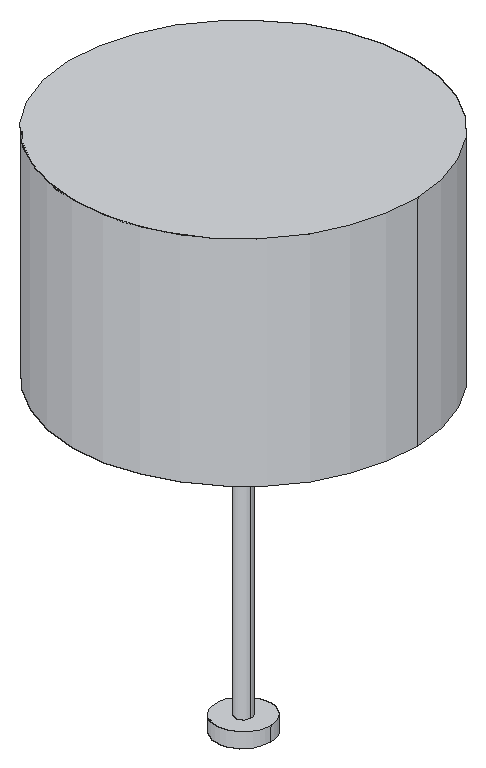
Revit family "F14", category Lighting Fixtures, host Face, Revit 2025
Family settings
  Host = Face
  Round Connector Dimension = Use Diameter
  Part Type = Normal
  Cut with Voids When Loaded = No
  Light Source = No
  Maintain Annotation Orientation = No
  Shared = No
  Room Calculation Point = No
Parameters
  Default Elevation = 48"
Reference planes (in)
  plane 1 "Center (Front/Back)": y = 0
  plane 2: z = 0
  plane 3 "Center (Left/Right)": x = 0
  plane 4 "face": z = 20
  plane 5: z = 34
  plane 6 "b": z = 0.93053
Forms (in)
  Extrusion 1, solid
    sketch origin (0, 0, 20) x (-1, 0, 0) y (0, -1, 0)
      loop
        circle (0, 0) r 11
    from 0 to 14
  Extrusion 2, solid
    sketch origin (0, 0, 0) x (1, 0, 0) y (0, 1, 0)
      loop
        circle (0, 0) r 1.75
    from 0 to 0.93053
  Extrusion 3, solid
    sketch origin (0, 0, 0.93053) x (-1, 0, 0) y (0, -1, 0)
      loop
        circle (0, 0) r 0.5
    from 0 to 19.06947
Dimensions and locks (in)
  plane 5 to plane 4 "face" = 14"
  plane 4 "face" to plane 2 = 20"
  plane 6 "b" to plane 2 = 0.93053"
  aligned and locked: plane 2 to host face
  aligned and locked: level to host face
  aligned and locked: plane 5 to Extrusion 1
  aligned and locked: plane 4 "face" to Extrusion 3
  aligned and locked: plane 6 "b" to Extrusion 2
